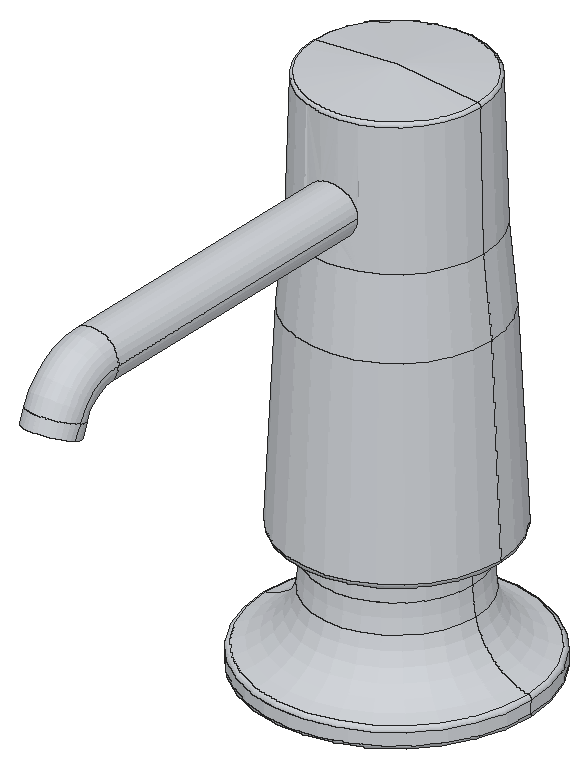
Revit family "Accessory-Soap_Dispenser-KOHLER-Transitional-K-26099_1", category Specialty Equipment, host Face, Revit 2022
Family settings
  Host = Face
  Round Connector Dimension = Use Diameter
  Part Type = Normal
  OmniClass Number = 23.31.25.29.13
  OmniClass Title = Hand Soap Dispensers
  Cut with Voids When Loaded = No
  Maintain Annotation Orientation = No
  Shared = No
  Room Calculation Point = No
Parameters (values of type "CP-Polished Chrome")
  Width = 1.8937"  # constant formula
  WaterSense Certified = 1 = 0  # no
  URL = "http://www.us.kohler.com/us/"
  Type = 1
  Product Page URL = "http://www.us.kohler.com/us/catalog/productDetails.jsp?productId=26099"
  Product Name = "Transitional"  # constant formula
  Product Documentation Link = "https://www.us.kohler.com/webassets/kpna/catalog/pdf/en/K-26099_spec_US-CA_Kohler_en.pdf"
  Model = if(Type = 1, "K-26099-CP", if(Type = 2, "K-26099-VS", if(Type = 3, "K-26099-BL", if(Type = 4, "K-26099-2MB", "NA"))))  # "K-26099-CP"
  Material = "Premium Metal Construction"  # constant formula
  Master Format 2014 Name = "Toilet, Bath, and Laundry Accessories"  # constant formula
  Master Format 2014 = "10 28 00"  # constant formula
  Manufacturer Address = "444 Highland Dr, Kohler, WI 53044"  # constant formula
  Manufacturer = "Kohler Co."  # constant formula
  Length = 3.04331"  # constant formula
  Height = 3.79528"  # constant formula
  Finish = Kohler-Metal-CP-Polished_Chrome
  Environmental Product Declaration = ""
  Description = "Soap Lotion Dispenser"  # constant formula
  Default Elevation = 36"
  Declare Label = ""
  Date Modified = "07/04/2022"  # constant formula
  Date Created = "07/04/2022"  # constant formula
  Copyright = "Copyright Kohler Co."  # constant formula
  Contact Us = "https://www.us.kohler.com/us/static/contact.jsp"
  Assembly Code = "C1030200"
  ADA Compliant = 1 = 0  # no
Types (5): name | Type | Model | Finish
  (no name) | 1 | "K-26099-CP" | Kohler-Metal-CP-Polished_Chrome
  CP-Polished Chrome | 1 | "K-26099-CP" | Kohler-Metal-CP-Polished_Chrome
  VS-Vibrant Stainless | 2 | "K-26099-VS" | Kohler-Metal-VS-Vibrant_Stainless
  BL-Matte Black | 3 | "K-26099-BL" | Kohler-Metal-BL-Matte_Black
  2MB-Vibrant Brushed Moderne Brass | 4 | "K-26099-2MB" | Kohler-Metal-2MB-Vibrant_Brushed_Moderne_Brass
Reference planes (in)
  plane 1 "Center (Front/Back)": y = 0
  plane 2: z = 0
  plane 3 "Center (Left/Right)": x = 0
  plane 4: x = -0.94685
  plane 5: z = 3.79528
  plane 6: x = 0.94685
  plane 7: y = 0.94685
  plane 8: y = -0.94685
  plane 9: y = 0.94685
  plane 10: z = 3.13169
  plane 11: through (0, -3.20875, 2.40549) normal (0, 0.9272, -0.3746)
  plane 12: z = 2.81496
  plane 13: y = -3.04331
  plane 14: y = -3.20276
Dimensions and locks (in)
  "Width": plane 4 to plane 6
  "Height": level to plane 5
  plane 9 to plane 14 = 4.14961"
  "Length": plane 1 "Center (Front/Back)" to plane 13
  level to plane 12 = 2.81496"
  aligned and locked: plane 2 to host face
  aligned and locked: level to host face
  aligned and locked: plane 3 "Center (Left/Right)" to nested 1
  aligned and locked: plane 1 "Center (Front/Back)" to nested 1
Automatic sketch dimensions
  host sketch curve to host sketch curve = 96"  (x2)
Nested families (in)
  nested 1: "K-26099" at (0, 0, 0), type "K-26099"
Definition of nested family "K-26099"
  Parameters
    Material = none
    Default Elevation = 0"
  Reference planes (in)
    plane 1 "Center (Front/Back)": y = 0
    plane 2: z = 0
    plane 3 "Center (Left/Right)": x = 0
    plane 4: x = -0.94685
    plane 5: x = 0.94685
    plane 6: z = 3.79528
    plane 7: z = 2.81496
    plane 8: y = -3.04331
    plane 9: y = 0.94685
    plane 10: y = -3.20276
    plane 11: y = -0.94685
    plane 12: through (0, -3.04331, 2.81496) normal (0, -0.9272, 0.3746)
    plane 13: z = 3.13169
    plane 14: y = -2.67578
  Forms (in)
    Revolve 1, solid, material <- "Material", detail levels medium+fine
      sketch origin (0, 0, 0) x (1, 0, 0) y (0, 0, 1)
        loop
          arc (-0.59142, 3.72616) -> (-0.58812, 3.2702) -> (-0.61404, 2.81496) r 7.11019
          arc (-0.61404, 2.81496) -> (-0.63921, 2.54889) -> (-0.66723, 2.2831) r 24.94976
          arc (-0.66723, 2.2831) -> (-0.72049, 1.60319) -> (-0.72987, 0.92125) r 10.58772
          arc (-0.72987, 0.92125) -> (-0.71925, 0.89658) -> (-0.69439, 0.88642) r 0.03549
          line (-0.69439, 0.88642) -> (-0.60246, 0.88642) -> (-0.57085, 1.00438) -> (-0.49413, 1.00438) -> (-0.49413, 0.92821) -> (-0.53743, 0.92821) -> (-0.53743, 0.69951)
          arc (-0.53743, 0.69951) -> (-0.54253, 0.60228) -> (-0.5578, 0.50611) r 0.92827
          arc (-0.5578, 0.50611) -> (-0.68597, 0.27024) -> (-0.9219, 0.14218) r 0.47275
          arc (-0.9219, 0.14218) -> (-0.93983, 0.1312) -> (-0.94685, 0.11138) r 0.0315
          line (-0.94685, 0.11138) -> (-0.94685, 0.02756)
          arc (-0.94685, 0.02756) -> (-0.93878, 0.00807) -> (-0.91929, 0) r 0.02756
          line (-0.91929, 0) -> (0, 0) -> (0, 3.79528)
          arc (0, 3.79528) -> (-0.28673, 3.78399) -> (-0.57168, 3.75022) r 3.64951
          arc (-0.57168, 3.75022) -> (-0.58612, 3.74194) -> (-0.59142, 3.72616) r 0.02343
        axis (0, 3.79528) -> (0, 0)
      angle from 0 to 360
    Sweep 2, solid, material <- "Material", detail levels medium+fine
      path origin (0, 0, 0) x (0, 1, 0) y (0, 0, 1)
        loop
          line (-0.22825, 3.13169) -> (-2.67235, 3.13169)
          arc (-2.67235, 3.13169) -> (-2.8738, 3.0701) -> (-3.00636, 2.9064) r 0.36025
          line (-3.00636, 2.9064) -> (-3.04324, 2.81514)
      profile origin (0, -1.4503, 3.13169) x (0, 0, -1) y (1, 0, 0)
        loop
          circle (0, 0) r 0.17717
    Revolve 3, solid, material <- "Material", detail levels coarse
      sketch origin (0, 0, 0) x (1, 0, 0) y (0, 0, 1)
        loop
          line (-0.73132, 3.79528) -> (-0.73132, 0.88642) -> (-0.53747, 0.88642) -> (-0.53747, 0.73403)
          arc (-0.53747, 0.73403) -> (-0.54341, 0.61674) -> (-0.56117, 0.50065) r 1.16117
          arc (-0.56117, 0.50065) -> (-0.69657, 0.25864) -> (-0.94685, 0.13922) r 0.45775
          line (-0.94685, 0.13922) -> (-0.94685, 0) -> (0, 0) -> (0, 3.79528) -> (-0.73132, 3.79528)
        axis (0, 3.79528) -> (0, 0)
      angle from 0 to 360
    Sweep 4, solid, material <- "Material", detail levels coarse
      path origin (0, 0, 0) x (0, 1, 0) y (0, 0, 1)
        loop
          line (-0.46104, 3.13169) -> (-2.77745, 3.13169)
          arc (-2.77745, 3.13169) -> (-2.89176, 3.09674) -> (-2.96699, 3.00384) r 0.20443
          line (-2.96699, 3.00384) -> (-3.04324, 2.81514)
      profile origin (0, -1.61924, 3.13169) x (0, 0, -1) y (1, 0, 0)
        loop
          circle (0, 0) r 0.17717
    Sweep 5, void
      path origin (0, 0, 0) x (0, 1, 0) y (0, 0, 1)
        loop
          line (-3.00636, 2.9064) -> (-3.04324, 2.81514)
      profile origin (0, -3.0248, 2.86077) x (0, 0.927184, -0.374607) y (1, 0, 0)
        loop
          circle (0, 0) r 0.07813
  Cuts and joins
    Sweep 5 cuts Sweep 2
    joined: Revolve 1, Sweep 2
    joined: Revolve 3, Sweep 4
  Lines and regions (in)
    Masking region 1
      outline origin (0, 0, 0) x (0, 1, 0) y (0, 0, 1)
        loop
          arc (0.94685, 0.11269) -> (0.93971, 0.13261) -> (0.92154, 0.14345) r 0.03134
          arc (0.92154, 0.14345) -> (0.68733, 0.26755) -> (0.56117, 0.50065) r 0.45775
          arc (0.56117, 0.50065) -> (0.54341, 0.61674) -> (0.53747, 0.73403) r 1.16117
          line (0.53747, 0.73403) -> (0.53747, 0.88642) -> (0.69597, 0.88642)
          arc (0.69597, 0.88642) -> (0.72058, 0.89639) -> (0.73132, 0.92066) r 0.03537
          arc (0.73132, 0.92066) -> (0.72626, 1.61946) -> (0.66646, 2.31572) r 8.9131
          arc (0.66646, 2.31572) -> (0.63165, 2.62604) -> (0.60501, 2.93718) r 11.87089
          arc (0.60501, 2.93718) -> (0.58737, 3.3318) -> (0.59152, 3.72679) r 7.15735
          arc (0.59152, 3.72679) -> (0.58618, 3.74264) -> (0.57164, 3.75093) r 0.02353
          arc (0.57164, 3.75093) -> (0, 3.79528) -> (-0.57164, 3.75093) r 3.70673
          arc (-0.57164, 3.75093) -> (-0.58618, 3.74264) -> (-0.59152, 3.72679) r 0.02353
          arc (-0.59152, 3.72679) -> (-0.58661, 3.51785) -> (-0.58779, 3.30886) r 7.15735
          line (-0.58779, 3.30886) -> (-2.67578, 3.30886)
          arc (-2.67578, 3.30886) -> (-2.97345, 3.21785) -> (-3.16934, 2.97595) r 0.53232
          line (-3.16934, 2.97595) -> (-3.2075, 2.88151) -> (-2.87897, 2.74877) -> (-2.8424, 2.83928)
          arc (-2.8424, 2.83928) -> (-2.77459, 2.92302) -> (-2.67154, 2.95453) r 0.18429
          line (-2.67154, 2.95453) -> (-0.60376, 2.95453)
          arc (-0.60376, 2.95453) -> (-0.6308, 2.6347) -> (-0.66646, 2.31572) r 11.87089
          arc (-0.66646, 2.31572) -> (-0.72626, 1.61946) -> (-0.73132, 0.92066) r 8.9131
          arc (-0.73132, 0.92066) -> (-0.72058, 0.89639) -> (-0.69597, 0.88642) r 0.03537
          line (-0.69597, 0.88642) -> (-0.53747, 0.88642) -> (-0.53747, 0.73403)
          arc (-0.53747, 0.73403) -> (-0.54341, 0.61674) -> (-0.56117, 0.50065) r 1.16117
          arc (-0.56117, 0.50065) -> (-0.68733, 0.26755) -> (-0.92154, 0.14345) r 0.45775
          arc (-0.92154, 0.14345) -> (-0.93971, 0.13261) -> (-0.94685, 0.11269) r 0.03134
          line (-0.94685, 0.11269) -> (-0.94685, 0.02557)
          arc (-0.94685, 0.02557) -> (-0.93936, 0.00749) -> (-0.92128, 0) r 0.02557
          line (-0.92128, 0) -> (0.92128, 0)
          arc (0.92128, 0) -> (0.93936, 0.00749) -> (0.94685, 0.02557) r 0.02557
          line (0.94685, 0.02557) -> (0.94685, 0.11269)
    Masking region 2
      outline origin (0, 0, 0) x (1, 0, 0) y (0, 0, 1)
        loop
          line (-0.94685, 0.11269) -> (-0.94685, 0.02557)
          arc (-0.94685, 0.02557) -> (-0.93936, 0.00749) -> (-0.92128, 0) r 0.02557
          line (-0.92128, 0) -> (0.92128, 0)
          arc (0.92128, 0) -> (0.93936, 0.00749) -> (0.94685, 0.02557) r 0.02557
          line (0.94685, 0.02557) -> (0.94685, 0.11269)
          arc (0.94685, 0.11269) -> (0.93971, 0.13261) -> (0.92154, 0.14345) r 0.03134
          arc (0.92154, 0.14345) -> (0.68733, 0.26755) -> (0.56117, 0.50065) r 0.45775
          arc (0.56117, 0.50065) -> (0.54341, 0.61674) -> (0.53747, 0.73403) r 1.16117
          line (0.53747, 0.73403) -> (0.53747, 0.88642) -> (0.69597, 0.88642)
          arc (0.69597, 0.88642) -> (0.72058, 0.89639) -> (0.73132, 0.92066) r 0.03537
          arc (0.73132, 0.92066) -> (0.72626, 1.61946) -> (0.66646, 2.31572) r 8.9131
          arc (0.66646, 2.31572) -> (0.63165, 2.62604) -> (0.60501, 2.93718) r 11.87089
          arc (0.60501, 2.93718) -> (0.58737, 3.3318) -> (0.59152, 3.72679) r 7.15735
          arc (0.59152, 3.72679) -> (0.58618, 3.74264) -> (0.57164, 3.75093) r 0.02353
          arc (0.57164, 3.75093) -> (0, 3.79528) -> (-0.57164, 3.75093) r 3.70673
          arc (-0.57164, 3.75093) -> (-0.58618, 3.74264) -> (-0.59152, 3.72679) r 0.02353
          arc (-0.59152, 3.72679) -> (-0.58737, 3.3318) -> (-0.60501, 2.93718) r 7.15735
          arc (-0.60501, 2.93718) -> (-0.63165, 2.62604) -> (-0.66646, 2.31572) r 11.87089
          arc (-0.66646, 2.31572) -> (-0.72626, 1.61946) -> (-0.73132, 0.92066) r 8.9131
          arc (-0.73132, 0.92066) -> (-0.72058, 0.89639) -> (-0.69597, 0.88642) r 0.03537
          line (-0.69597, 0.88642) -> (-0.53747, 0.88642) -> (-0.53747, 0.73403)
          arc (-0.53747, 0.73403) -> (-0.54341, 0.61674) -> (-0.56117, 0.50065) r 1.16117
          arc (-0.56117, 0.50065) -> (-0.68733, 0.26755) -> (-0.92154, 0.14345) r 0.45775
          arc (-0.92154, 0.14345) -> (-0.93971, 0.13261) -> (-0.94685, 0.11269) r 0.03134
    Masking region 3
      outline origin (0, 0, 0) x (1, 0, 0) y (0, 1, 0)
        loop
          arc (-0.17717, -3.03745) -> (-0.16519, -3.09761) -> (-0.1311, -3.14861) r 0.15715
          arc (-0.1311, -3.14861) -> (0, -3.20289) -> (0.1311, -3.14861) r 0.18546
          arc (0.1311, -3.14861) -> (0.16519, -3.09761) -> (0.17717, -3.03745) r 0.15715
          line (0.17717, -3.03745) -> (0.17717, -0.93013)
          arc (0.17717, -0.93013) -> (0, 0.94685) -> (-0.17717, -0.93013) r 0.94685
          line (-0.17717, -0.93013) -> (-0.17717, -3.03745)
    symbolic lines, detail levels medium+fine
      curve 1: arc (0, -0.58779, 3.30886) -> (0, -0.56588, 3.13035) -> (0, -0.60376, 2.95453) r 0.54035
      curve 2: line (0, 0.57164, 3.75093) -> (0, -0.57164, 3.75093)
      curve 3: line (0, 0.53747, 0.88642) -> (0, -0.53747, 0.88642)
      curve 4: line (0, 0.59152, 3.72679) -> (0, -0.59152, 3.72679)
      curve 5: line (0, 0.73132, 0.92066) -> (0, -0.73132, 0.92066)
      curve 6: line (0, 0.92154, 0.14345) -> (0, -0.92154, 0.14345)
      curve 7: line (0, -0.94685, 0.11269) -> (0, 0.94685, 0.11269)
      curve 8: line (0, 0.94685, 0.02557) -> (0, -0.94685, 0.02557)
      curve 9: line (-0.57164, 0, 3.75093) -> (0.57164, 0, 3.75093)
      curve 10: line (0.59152, 0, 3.72679) -> (-0.59152, 0, 3.72679)
      curve 11: line (-0.53747, 0, 0.88642) -> (0.53747, 0, 0.88642)
      curve 12: line (-0.73132, 0, 0.92066) -> (0.73132, 0, 0.92066)
      curve 13: line (-0.92154, 0, 0.14345) -> (0.92154, 0, 0.14345)
      curve 14: line (-0.94685, 0, 0.11269) -> (0.94685, 0, 0.11269)
      curve 15: line (0.94685, 0, 0.02557) -> (-0.94685, 0, 0.02557)
      curve 16: arc (-0.17717, 0, 3.13169) -> (0, 0, 3.30886) -> (0.17717, 0, 3.13169) r 0.17717
      curve 17: line (-0.17717, 0, 2.81942) -> (-0.17717, 0, 3.13169)
      curve 18: arc (-0.16852, 0, 2.83589) -> (-0.15072, 0, 2.84966) -> (-0.13054, 0, 2.85962) r 0.11255
      curve 19: arc (-0.13054, 0, 2.85962) -> (-0.09718, 0, 2.87006) -> (-0.06287, 0, 2.87678) r 0.31854
      curve 20: arc (-0.16852, 0, 2.79403) -> (-0.15072, 0, 2.78026) -> (-0.13054, 0, 2.7703) r 0.11255
      curve 21: arc (-0.13054, 0, 2.7703) -> (-0.09718, 0, 2.75986) -> (-0.06287, 0, 2.75314) r 0.31854
      curve 22: arc (-0.16852, 0, 2.79403) -> (-0.17751, 0, 2.81496) -> (-0.16852, 0, 2.83589) r 0.02884
      curve 23: arc (0.16852, 0, 2.83589) -> (0.15072, 0, 2.84966) -> (0.13054, 0, 2.85962) r 0.11255
      curve 24: arc (0.13054, 0, 2.85962) -> (0.09718, 0, 2.87006) -> (0.06287, 0, 2.87678) r 0.31854
      curve 25: arc (0.16852, 0, 2.79403) -> (0.15072, 0, 2.78026) -> (0.13054, 0, 2.7703) r 0.11255
      curve 26: arc (0.13054, 0, 2.7703) -> (0.09718, 0, 2.75986) -> (0.06287, 0, 2.75314) r 0.31854
      curve 27: arc (0.16852, 0, 2.79403) -> (0.17751, 0, 2.81496) -> (0.16852, 0, 2.83589) r 0.02884
      curve 28: line (0.17717, 0, 2.81942) -> (0.17717, 0, 3.13169)
      curve 29: arc (-0.06287, 0, 2.87678) -> (0, 0, 2.88115) -> (0.06287, 0, 2.87678) r 0.45496
      curve 30: arc (0.06287, 0, 2.75314) -> (0, 0, 2.74877) -> (-0.06287, 0, 2.75314) r 0.45496
      curve 31: arc (-0.05925, 0, 2.81496) -> (0, 0, 2.83762) -> (0.05925, 0, 2.81496) r 0.08879
      curve 32: arc (-0.05925, 0, 2.81496) -> (0, 0, 2.7923) -> (0.05925, 0, 2.81496) r 0.08879
      curve 33: arc (0.17717, -0.71017, 0) -> (0, 0.73193, 0) -> (-0.17717, -0.71017, 0) r 0.73193
      curve 34: circle (0, 0, 0) r 0.59055 normal (0, 0, 1)
      curve 35: circle (0, 0, 0) r 0.57085 normal (0, 0, 1)
      curve 36: arc (0.17717, -0.90697, 0) -> (0, 0.92411, 0) -> (-0.17717, -0.90697, 0) r 0.92411
      curve 37: line (-0.17717, -0.93013, 0) -> (-0.17717, -0.56335, 0)
      curve 38: line (0.17717, -0.93013, 0) -> (0.17717, -0.56335, 0)
      curve 39: line (0, -2.67578, 3.30886) -> (0, -2.67578, 2.95448)
      curve 40: line (0, -2.8424, 2.83928) -> (0, -3.17093, 2.97201)
      curve 41: arc (0.17717, -0.72877, 0) -> (0, 0.75, 0) -> (-0.17717, -0.72877, 0) r 0.75
      curve 42: arc (0.17717, -0.64785, 0) -> (0, 0.67164, 0) -> (-0.17717, -0.64785, 0) r 0.67164
      curve 43: arc (-0.17717, -3.04331, 0) -> (0, -3.18624, 0) -> (0.17717, -3.04331, 0) r 0.18126
      curve 44: line (-0.17717, -2.67578, 0) -> (0.17717, -2.67578, 0)
      curve 45: line (-0.53747, 0, 0.88642) -> (-0.53747, 0, 0.92066)
      curve 46: line (0.53747, 0, 0.88642) -> (0.53747, 0, 0.92066)
      curve 47: spline (0.17717, 0, 2.85472) -> (0.15802, 0, 2.86892) -> (0.13346, 0, 2.88126) -> (0.10432, 0, 2.89133) -> (0.0716, 0, 2.89877) -> (0.03642, 0, 2.90335) -> (0, 0, 2.90489) -> (-0.03642, 0, 2.90335) -> (-0.0716, 0, 2.89877) -> (-0.10432, 0, 2.89133) -> (-0.13346, 0, 2.88126) -> (-0.15802, 0, 2.86892) -> (-0.17717, 0, 2.85472)
      curve 48: spline (0.17717, 0, 2.93485) -> (0.15158, 0, 2.94614) -> (0.12388, 0, 2.9556) -> (0.09446, 0, 2.9631) -> (0.06371, 0, 2.96853) -> (0.03208, 0, 2.97182) -> (0, 0, 2.97292) -> (-0.03208, 0, 2.97182) -> (-0.06371, 0, 2.96853) -> (-0.09446, 0, 2.9631) -> (-0.12388, 0, 2.9556) -> (-0.15158, 0, 2.94614) -> (-0.17717, 0, 2.93485)
      curve 49: line (0, -2.87401, 2.76106) -> (0, -3.20254, 2.89379)
      curve 50: line (0, 0.53747, 0.88642) -> (0, 0.53747, 0.92066)
      curve 51: line (0, -0.53747, 0.88642) -> (0, -0.53747, 0.92066)
      curve 52: line (0, 0, 3.72679) -> (0, 0, 3.30886)
      curve 53: line (0, 0, 0.88642) -> (0, 0, 2.74877)
      curve 54: line (0, 0, 0.88642) -> (0, 0, 3.72679)
  Dimensions and locks (in)
    plane 5 to plane 4 = 1.8937"
    plane 6 to level = 3.79528"  (x2)
    plane 10 to plane 9 = 4.14961"
    plane 1 "Center (Front/Back)" to plane 10 = 3.20276"
    plane 7 to level = 2.81496"
    aligned and locked: plane 2 to level
